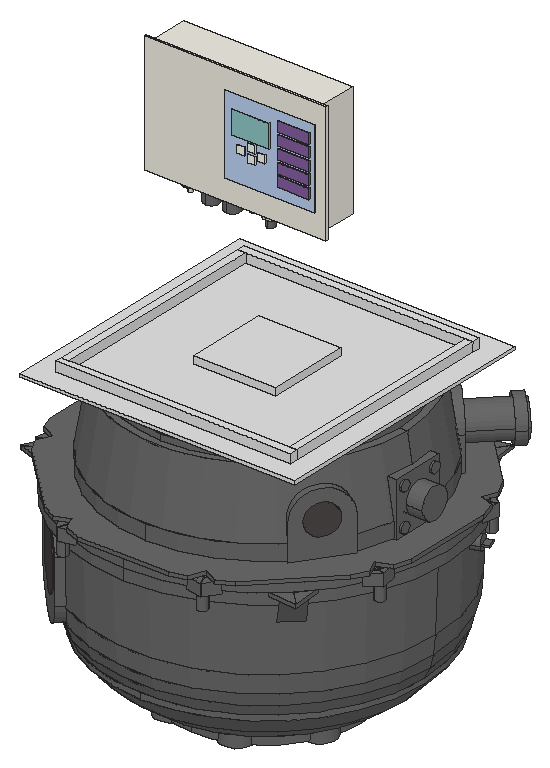
Revit family "280530xc (200)", category Generic Models, Revit 2021 (continued)
Definition of nested family "280530xc (200)_part2_X0Y0"
  Definition of nested family "280530xc (200)_part2_content"
    Forms (mm)
      Extrusion 21, solid, detail levels medium+fine
        sketch origin (-244, 0, 370) x (0, -1, 0) y (0, 0, 1)
          loop
            circle (0, 0) r 35.1
        from 0 to 1.75
      Extrusion 22, solid, detail levels medium+fine
        sketch origin (0, 0, 375.25) x (-0.707107, 0.707107, 0) y (0, 0, 1)
          loop
            line (-45, 0) -> (-45, -55.25) -> (45, -55.25) -> (45, 0)
            arc (45, 0) -> (0, 45) -> (-45, 0) r 45
        from 0 to 245.5
      Extrusion 23, solid, detail levels medium+fine
        sketch origin (0, 0, 370) x (-0.707107, 0.707107, 0) y (0, 0, 1)
          loop
            circle (0, 0) r 27.7
        from 0 to 311.36
      Extrusion 24, solid, detail levels medium+fine
        sketch origin (0, 27.5, 332.75) x (0, 1, 0) y (0, 0, 1)
          loop
            circle (0, 0) r 8
        from 0 to 250
      Extrusion 25, solid, detail levels medium+fine
        sketch origin (0, -46.25, 320) x (0, 1, 0) y (0, 0, 1)
          loop
            line (0, 86.5) -> (0, 0) -> (86.5, 0) -> (86.5, 86.5) -> (0, 86.5)
        from 0 to 245.5
      Extrusion 26, solid, detail levels medium+fine
        sketch origin (0, -3, 363.25) x (0, 1, 0) y (0, 0, 1)
          loop
            circle (0, 0) r 24.75
        from 0 to 272.5
      Extrusion 27, solid, detail levels medium+fine
        sketch origin (0, 27.5, 393.75) x (0, 1, 0) y (0, 0, 1)
          loop
            circle (0, 0) r 8
        from 0 to 250
      Extrusion 28, solid, detail levels medium+fine
        sketch origin (0, -33.5, 332.75) x (0, 1, 0) y (0, 0, 1)
          loop
            circle (0, 0) r 8
        from 0 to 250
      Extrusion 29, solid, detail levels medium+fine
        sketch origin (0, -33.5, 393.75) x (0, 1, 0) y (0, 0, 1)
          loop
            circle (0, 0) r 8
        from 0 to 250
      Extrusion 30, solid, detail levels medium+fine
        sketch origin (0, 0, 375.25) x (0.573577, 0.819152, 0) y (0, 0, 1)
          loop
            line (-45, 0) -> (-45, -55.25) -> (45, -55.25) -> (45, 0)
            arc (45, 0) -> (0, 45) -> (-45, 0) r 45
        from 0 to 245.5
      Extrusion 31, solid, detail levels medium+fine
        sketch origin (199.873, -139.953, 375.25) x (0.573577, 0.819152, 0) y (0, 0, 1)
          loop
            circle (0, 0) r 25
        from 0 to 1.75
      Extrusion 32, solid, detail levels medium+fine
        sketch origin (-53.002, 127.957, 0) x (-0.92388, -0.382683, 0) y (0.382683, -0.92388, 0)
          loop
            circle (0, 0) r 25
        from 0 to 28.5
      Extrusion 33, solid, detail levels medium+fine
        sketch origin (-127.957, -53.002, 0) x (0.382683, -0.92388, 0) y (0.92388, 0.382683, 0)
          loop
            circle (0, 0) r 25
        from 0 to 28.5
      Extrusion 34, solid, detail levels medium+fine
        sketch origin (53.002, -127.957, 0) x (0.92388, 0.382683, 0) y (-0.382683, 0.92388, 0)
          loop
            circle (0, 0) r 25
        from 0 to 28.5
      Extrusion 35, solid, detail levels medium+fine
        sketch origin (53.002, 127.957, 0) x (-0.923879, 0.382684, 0) y (-0.382684, -0.923879, 0)
          loop
            circle (0, 0) r 25
        from 0 to 28.5
      Extrusion 36, solid, detail levels medium+fine
        sketch origin (-127.957, 53.002, 0) x (-0.382684, -0.923879, 0) y (0.923879, -0.382684, 0)
          loop
            circle (0, 0) r 25
        from 0 to 28.5
      Extrusion 37, solid, detail levels medium+fine
        sketch origin (-53.002, -127.957, 0) x (0.923879, -0.382684, 0) y (0.382684, 0.923879, 0)
          loop
            circle (0, 0) r 25
        from 0 to 28.5
      Extrusion 38, solid, detail levels medium+fine
        sketch origin (127.957, -53.002, 0) x (0.382684, 0.923879, 0) y (-0.923879, 0.382684, 0)
          loop
            circle (0, 0) r 25
        from 0 to 28.5
      Extrusion 39, solid, detail levels medium+fine
        sketch origin (127.957, 53.002, 0) x (-0.382683, 0.92388, 0) y (-0.92388, -0.382683, 0)
          loop
            circle (0, 0) r 25
        from 0 to 28.5
      Extrusion 40, solid, detail levels medium+fine
        sketch origin (0, 0, 209) x (0, -1, 0) y (0, 0, 1)
          loop
            line (-72.693, 35.337) -> (-68.918, -37.767)
            arc (-68.918, -37.767) -> (-63.198, -56.139) -> (-50.593, -70.678) r 46.983
            line (-50.593, -70.678) -> (-49.193, -71.697)
            arc (-49.193, -71.697) -> (-25.794, -83.147) -> (0, -86.788) r 83.079
            arc (0, -86.788) -> (25.794, -83.147) -> (49.193, -71.697) r 83.079
            line (49.193, -71.697) -> (50.593, -70.678)
            arc (50.593, -70.678) -> (63.198, -56.139) -> (68.918, -37.767) r 46.983
            line (68.918, -37.767) -> (72.693, 35.337)
            arc (72.693, 35.337) -> (71.616, 38.805) -> (69.783, 41.939) r 15.989
            arc (69.783, 41.939) -> (60.032, 51.336) -> (48.652, 58.679) r 69.984
            line (48.652, 58.679) -> (47.252, 59.417)
            arc (47.252, 59.417) -> (24.369, 68.322) -> (0, 71.344) r 99.373
            arc (0, 71.344) -> (-24.369, 68.322) -> (-47.252, 59.417) r 99.373
            line (-47.252, 59.417) -> (-48.652, 58.679)
            arc (-48.652, 58.679) -> (-60.032, 51.336) -> (-69.783, 41.939) r 69.984
            arc (-69.783, 41.939) -> (-71.616, 38.805) -> (-72.693, 35.337) r 15.989
        from 0 to 277.5
      Extrusion 41, solid, detail levels medium+fine
        sketch origin (0, 0, 209) x (0, -1, 0) y (0, 0, 1)
          loop
            circle (0, 0) r 55
        from 0 to 326
      Extrusion 42, solid, detail levels medium+fine
        sketch origin (0, 0, 209) x (0.707107, -0.707107, 0) y (0, 0, 1)
          loop
            line (-72.693, 35.337) -> (-68.918, -37.767)
            arc (-68.918, -37.767) -> (-63.198, -56.139) -> (-50.593, -70.678) r 46.983
            line (-50.593, -70.678) -> (-49.193, -71.697)
            arc (-49.193, -71.697) -> (-25.794, -83.147) -> (0, -86.788) r 83.079
            arc (0, -86.788) -> (25.794, -83.147) -> (49.193, -71.697) r 83.079
            line (49.193, -71.697) -> (50.593, -70.678)
            arc (50.593, -70.678) -> (63.198, -56.139) -> (68.918, -37.767) r 46.983
            line (68.918, -37.767) -> (72.693, 35.337)
            arc (72.693, 35.337) -> (71.616, 38.805) -> (69.783, 41.939) r 15.989
            arc (69.783, 41.939) -> (60.032, 51.336) -> (48.652, 58.679) r 69.984
            line (48.652, 58.679) -> (47.252, 59.417)
            arc (47.252, 59.417) -> (24.369, 68.322) -> (0, 71.344) r 99.373
            arc (0, 71.344) -> (-24.369, 68.322) -> (-47.252, 59.417) r 99.373
            line (-47.252, 59.417) -> (-48.652, 58.679)
            arc (-48.652, 58.679) -> (-60.032, 51.336) -> (-69.783, 41.939) r 69.984
            arc (-69.783, 41.939) -> (-71.616, 38.805) -> (-72.693, 35.337) r 15.989
        from 0 to 277.5
      Extrusion 43, solid, detail levels medium+fine
        sketch origin (0, 0, 209) x (-0.707107, -0.707107, 0) y (0, 0, 1)
          loop
            line (-72.693, 35.337) -> (-68.918, -37.767)
            arc (-68.918, -37.767) -> (-63.198, -56.139) -> (-50.593, -70.678) r 46.983
            line (-50.593, -70.678) -> (-49.193, -71.697)
            arc (-49.193, -71.697) -> (-25.794, -83.147) -> (0, -86.788) r 83.079
            arc (0, -86.788) -> (25.794, -83.147) -> (49.193, -71.697) r 83.079
            line (49.193, -71.697) -> (50.593, -70.678)
            arc (50.593, -70.678) -> (63.198, -56.139) -> (68.918, -37.767) r 46.983
            line (68.918, -37.767) -> (72.693, 35.337)
            arc (72.693, 35.337) -> (71.616, 38.805) -> (69.783, 41.939) r 15.989
            arc (69.783, 41.939) -> (60.032, 51.336) -> (48.652, 58.679) r 69.984
            line (48.652, 58.679) -> (47.252, 59.417)
            arc (47.252, 59.417) -> (24.369, 68.322) -> (0, 71.344) r 99.373
            arc (0, 71.344) -> (-24.369, 68.322) -> (-47.252, 59.417) r 99.373
            line (-47.252, 59.417) -> (-48.652, 58.679)
            arc (-48.652, 58.679) -> (-60.032, 51.336) -> (-69.783, 41.939) r 69.984
            arc (-69.783, 41.939) -> (-71.616, 38.805) -> (-72.693, 35.337) r 15.989
        from 0 to 277.5
      Extrusion 44, solid, detail levels medium+fine
        sketch origin (-195.161, -195.161, 209) x (0.707107, -0.707107, 0) y (0, 0, 1)
          loop
            circle (0, 0) r 50.1
        from 0 to 1.75
      Extrusion 45, solid, detail levels medium+fine
        sketch origin (-195.162, 195.162, 209) x (-0.707107, -0.707107, 0) y (0, 0, 1)
          loop
            circle (0, 0) r 50.1
        from 0 to 1.75
      Extrusion 46, solid, detail levels medium+fine
        sketch origin (3.25, -5.129, 264.5) x (-0.34202, 0.939693, 0) y (0, 0, 1)
          loop
            circle (0, 0) r 11
        from 0 to 288
      Extrusion 47, solid, detail levels medium+fine
        sketch origin (7.75, -12.923, 263) x (-0.34202, 0.939693, 0) y (0, 0, 1)
          loop
            line (0, 3) -> (0, 0) -> (18, 0) -> (18, 3) -> (0, 3)
        from 0 to 298
      Extrusion 48, solid, detail levels medium+fine
        sketch origin (272.082, 112.7, 273) x (-0.382683, 0.92388, 0) y (-0.92388, -0.382683, 0)
          loop
            circle (0, 0) r 7.75
        from 0 to 21.5
      Extrusion 49, solid, detail levels medium+fine
        sketch origin (265.153, 109.83, 314) x (0.92388, 0.382683, 0) y (0.382683, -0.92388, 0)
          loop
            line (17, 0) -> (0, 0) -> (0, -25) -> (17, 0)
        from 0 to 19.5
      Extrusion 50, solid, detail levels medium+fine
        sketch origin (265.153, 109.83, 294.5) x (0.382683, -0.92388, 0) y (0.92388, 0.382683, 0)
          loop
            line (0, 17) -> (0, 0) -> (25, 0) -> (0, 17)
        from 0 to 19.5
      Extrusion 51, solid, detail levels medium+fine
        sketch origin (220.165, 220.165, 370) x (-0.707107, 0.707107, 0) y (0, 0, 1)
          loop
            circle (0, 0) r 34.75
        from 0 to 15.7
      Extrusion 52, solid, detail levels medium+fine
        sketch origin (230.559, 230.559, 370) x (-0.707107, 0.707107, 0) y (0, 0, 1)
          loop
            circle (0, 0) r 27.7
        from 0 to 4.8
      Extrusion 53, solid, detail levels medium+fine
        sketch origin (232.893, 232.893, 370) x (-0.707107, 0.707107, 0) y (0, 0, 1)
          loop
            circle (0, 0) r 20
        from 0 to 1.7
      Extrusion 54, solid, detail levels medium+fine
        sketch origin (240.105, 225.963, 364) x (-0.707107, 0.707107, 0) y (0, 0, 1)
          loop
            circle (0, 0) r 4.2
        from 0 to 1.8
      Extrusion 55, solid, detail levels medium+fine
        sketch origin (240.105, 225.963, 376) x (-0.707107, 0.707107, 0) y (0, 0, 1)
          loop
            circle (0, 0) r 4.2
        from 0 to 1.8
      Extrusion 56, solid, detail levels medium+fine
        sketch origin (225.963, 240.105, 376) x (-0.707107, 0.707107, 0) y (0, 0, 1)
          loop
            circle (0, 0) r 4.2
        from 0 to 1.8
      Extrusion 57, solid, detail levels medium+fine
        sketch origin (225.963, 240.105, 364) x (-0.707107, 0.707107, 0) y (0, 0, 1)
          loop
            circle (0, 0) r 4.2
        from 0 to 1.8
      Extrusion 58, solid, detail levels medium+fine
        sketch origin (-259.107, -87.843, 294.5) x (-0.92388, -0.382683, 0) y (0, 0, -1)
          loop
            line (0, 48.5) -> (0, 0) -> (29.9, 0) -> (0, 48.5)
        from 0 to 36
      Extrusion 59, solid, detail levels medium+fine
        sketch origin (-272.082, -112.7, 273) x (0.382683, -0.92388, 0) y (0.92388, 0.382683, 0)
          loop
            circle (0, 0) r 7.75
        from 0 to 21.5
      Extrusion 60, solid, detail levels medium+fine
        sketch origin (-265.153, -109.83, 300) x (-0.92388, -0.382683, 0) y (-0.382683, 0.92388, 0)
          loop
            line (36.5, 0) -> (0, 0) -> (0, -32) -> (36.5, 0)
        from 0 to 5.5
      Extrusion 61, solid, detail levels medium+fine
        sketch origin (-265.153, -109.83, 314) x (-0.92388, -0.382683, 0) y (-0.382683, 0.92388, 0)
          loop
            line (17, 0) -> (0, 0) -> (0, -25) -> (17, 0)
        from 0 to 14
      Extrusion 62, solid, detail levels medium+fine
        sketch origin (-265.153, -109.83, 294.5) x (-0.382683, 0.92388, 0) y (-0.92388, -0.382683, 0)
          loop
            line (0, 36.5) -> (0, 0) -> (32, 0) -> (0, 36.5)
        from 0 to 5.5
      Extrusion 63, solid, detail levels medium+fine
        sketch origin (-265.153, -109.83, 300) x (-0.382683, 0.92388, 0) y (-0.92388, -0.382683, 0)
          loop
            line (0, 17) -> (0, 0) -> (25, 0) -> (0, 17)
        from 0 to 14
      Extrusion 64, solid, detail levels medium+fine
        sketch origin (-245.331, 121.102, 294.5) x (-0.923879, 0.382684, 0) y (0, 0, -1)
          loop
            line (0, 48.5) -> (0, 0) -> (29.9, 0) -> (0, 48.5)
        from 0 to 36
      Extrusion 65, solid, detail levels medium+fine
        sketch origin (-272.082, 112.7, 273) x (-0.382684, -0.923879, 0) y (0.923879, -0.382684, 0)
          loop
            circle (0, 0) r 7.75
        from 0 to 21.5
      Extrusion 66, solid, detail levels medium+fine
        sketch origin (-265.153, 109.83, 300) x (-0.923879, 0.382684, 0) y (0.382684, 0.923879, 0)
          loop
            line (36.5, 0) -> (0, 0) -> (0, -32) -> (36.5, 0)
        from 0 to 5.5
      Extrusion 67, solid, detail levels medium+fine
        sketch origin (-265.153, 109.83, 314) x (-0.923879, 0.382684, 0) y (0.382684, 0.923879, 0)
          loop
            line (17, 0) -> (0, 0) -> (0, -25) -> (17, 0)
        from 0 to 14
      Extrusion 68, solid, detail levels medium+fine
        sketch origin (-265.153, 109.83, 294.5) x (0.382684, 0.923879, 0) y (-0.923879, 0.382684, 0)
          loop
            line (0, 36.5) -> (0, 0) -> (32, 0) -> (0, 36.5)
        from 0 to 5.5
      Extrusion 69, solid, detail levels medium+fine
        sketch origin (-265.153, 109.83, 300) x (0.382684, 0.923879, 0) y (-0.923879, 0.382684, 0)
          loop
            line (0, 17) -> (0, 0) -> (25, 0) -> (0, 17)
        from 0 to 14
      Extrusion 70, solid, detail levels medium+fine
        sketch origin (-190, 178, 473.5) x (0, 1, 0) y (0, 0, 1)
          loop
            line (0, 15) -> (0, 0) -> (12, 0) -> (12, 15) -> (0, 15)
        from 0 to 380
      Extrusion 71, solid, detail levels medium+fine
        sketch origin (-190, -190, 473.5) x (0, 1, 0) y (0, 0, 1)
          loop
            line (0, 15) -> (0, 0) -> (12, 0) -> (12, 15) -> (0, 15)
        from 0 to 380
      Extrusion 72, solid, detail levels medium+fine
        sketch origin (-190, -178, 473.5) x (0, 1, 0) y (0, 0, 1)
          loop
            line (0, 15) -> (0, 0) -> (356, 0) -> (356, 15) -> (0, 15)
        from 0 to 12
      Extrusion 73, solid, detail levels medium+fine
        sketch origin (178, -178, 473.5) x (0, 1, 0) y (0, 0, 1)
          loop
            line (0, 15) -> (0, 0) -> (356, 0) -> (356, 15) -> (0, 15)
        from 0 to 12
      Extrusion 74, solid, detail levels medium+fine
        sketch origin (180.312, -205.768, 294.5) x (0.707106, -0.707107, 0) y (0, 0, -1)
          loop
            line (0, 48.5) -> (0, 0) -> (29.9, 0) -> (0, 48.5)
        from 0 to 36
      Extrusion 75, solid, detail levels medium+fine
        sketch origin (202.939, -202.939, 300) x (0.707106, -0.707107, 0) y (-0.707107, -0.707106, 0)
          loop
            line (36.5, 0) -> (0, 0) -> (0, -32) -> (36.5, 0)
        from 0 to 5.5
      Extrusion 76, solid, detail levels medium+fine
        sketch origin (202.939, -202.939, 294.5) x (-0.707107, -0.707106, 0) y (0.707106, -0.707107, 0)
          loop
            line (0, 36.5) -> (0, 0) -> (32, 0) -> (0, 36.5)
        from 0 to 5.5
      Extrusion 77, solid, detail levels medium+fine
        sketch origin (171.331, 213.304, 294.5) x (0.573577, 0.819151, 0) y (0, 0, -1)
          loop
            line (0, 48.5) -> (0, 0) -> (29.9, 0) -> (0, 48.5)
        from 0 to 36
      Extrusion 78, solid, detail levels medium+fine
        sketch origin (164.616, 235.097, 294.5) x (0.819151, -0.573577, 0) y (0.573577, 0.819151, 0)
          loop
            line (0, 36.5) -> (0, 0) -> (32, 0) -> (0, 36.5)
        from 0 to 5.5
      Extrusion 79, solid, detail levels medium+fine
        sketch origin (164.616, 235.097, 300) x (0.573577, 0.819151, 0) y (0.819151, -0.573577, 0)
          loop
            line (36.5, 0) -> (0, 0) -> (0, -32) -> (36.5, 0)
        from 0 to 5.5
      Extrusion 80, solid, detail levels medium+fine
        sketch origin (109.83, 265.153, 294.5) x (0.923879, -0.382684, 0) y (0.382684, 0.923879, 0)
          loop
            line (0, 17) -> (0, 0) -> (25, 0) -> (0, 17)
        from 0 to 19.5
      Extrusion 81, solid, detail levels medium+fine
        sketch origin (112.7, 272.082, 273) x (-0.923879, 0.382684, 0) y (-0.382684, -0.923879, 0)
          loop
            circle (0, 0) r 7.75
        from 0 to 21.5
      Extrusion 82, solid, detail levels medium+fine
        sketch origin (109.83, 265.153, 314) x (0.382684, 0.923879, 0) y (0.923879, -0.382684, 0)
          loop
            line (17, 0) -> (0, 0) -> (0, -25) -> (17, 0)
        from 0 to 19.5
      Extrusion 83, solid, detail levels medium+fine
        sketch origin (-112.7, 272.082, 273) x (-0.92388, -0.382683, 0) y (0.382683, -0.92388, 0)
          loop
            circle (0, 0) r 7.75
        from 0 to 21.5
      Extrusion 84, solid, detail levels medium+fine
        sketch origin (-109.83, 265.153, 314) x (-0.382683, 0.92388, 0) y (0.92388, 0.382683, 0)
          loop
            line (17, 0) -> (0, 0) -> (0, -25) -> (17, 0)
        from 0 to 19.5
      Extrusion 85, solid, detail levels medium+fine
        sketch origin (-109.83, 265.153, 294.5) x (0.92388, 0.382683, 0) y (-0.382683, 0.92388, 0)
          loop
            line (0, 17) -> (0, 0) -> (25, 0) -> (0, 17)
        from 0 to 19.5
      Extrusion 86, solid, detail levels medium+fine
        sketch origin (272.082, -112.7, 273) x (0.382684, 0.923879, 0) y (-0.923879, 0.382684, 0)
          loop
            circle (0, 0) r 7.75
        from 0 to 21.5
      Extrusion 87, solid, detail levels medium+fine
        sketch origin (265.153, -109.83, 294.5) x (-0.382684, -0.923879, 0) y (0.923879, -0.382684, 0)
          loop
            line (0, 17) -> (0, 0) -> (25, 0) -> (0, 17)
        from 0 to 19.5
      Extrusion 88, solid, detail levels medium+fine
        sketch origin (265.153, -109.83, 314) x (0.923879, -0.382684, 0) y (-0.382684, -0.923879, 0)
          loop
            line (17, 0) -> (0, 0) -> (0, -25) -> (17, 0)
        from 0 to 19.5
      Extrusion 89, solid, detail levels medium+fine
        sketch origin (112.7, -272.082, 273) x (0.92388, 0.382683, 0) y (-0.382683, 0.92388, 0)
          loop
            circle (0, 0) r 7.75
        from 0 to 21.5
      Extrusion 90, solid, detail levels medium+fine
        sketch origin (109.83, -265.153, 314) x (0.382683, -0.92388, 0) y (-0.92388, -0.382683, 0)
          loop
            line (17, 0) -> (0, 0) -> (0, -25) -> (17, 0)
        from 0 to 19.5
      Extrusion 91, solid, detail levels medium+fine
        sketch origin (109.83, -265.153, 294.5) x (-0.92388, -0.382683, 0) y (0.382683, -0.92388, 0)
          loop
            line (0, 17) -> (0, 0) -> (25, 0) -> (0, 17)
        from 0 to 19.5
      Extrusion 92, solid, detail levels medium+fine
        sketch origin (-112.7, -272.082, 273) x (0.923879, -0.382684, 0) y (0.382684, 0.923879, 0)
          loop
            circle (0, 0) r 7.75
        from 0 to 21.5
      Extrusion 93, solid, detail levels medium+fine
        sketch origin (-109.83, -265.153, 294.5) x (-0.923879, 0.382684, 0) y (-0.382684, -0.923879, 0)
          loop
            line (0, 17) -> (0, 0) -> (25, 0) -> (0, 17)
        from 0 to 19.5
      Extrusion 94, solid, detail levels medium+fine
        sketch origin (-109.83, -265.153, 314) x (-0.382684, -0.923879, 0) y (-0.923879, 0.382684, 0)
          loop
            line (17, 0) -> (0, 0) -> (0, -25) -> (17, 0)
        from 0 to 19.5
      Extrusion 95, solid, detail levels coarse
        sketch origin (-17.478, 0, 0) x (1, 0, 0) y (0, 1, 0)
          loop
            line (-308.522, -291.044) -> (308.522, -291.044) -> (308.522, 291.044) -> (-308.522, 291.044) -> (-308.522, -291.044)
        from 0 to 488.5
    Dimensions and locks
      aligned and locked: level to plane 2
